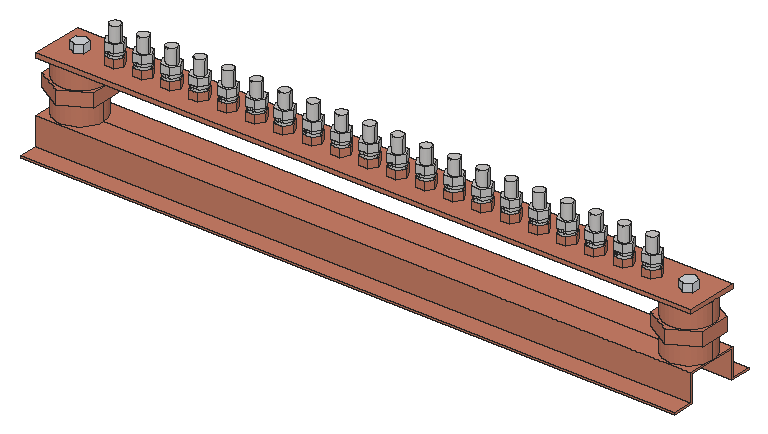
Revit family "FA_ГлавнаяЗаземпляющаяШина_20_88987_EZETEK", category Системы пожарной сигнализации, Revit 2017 (continued)
Automatic sketch dimensions
  Extrusion 95 sketch curve to Extrusion 95 sketch curve = 5.96 mm  (x3)
  Extrusion 95 sketch curve to Extrusion 95 sketch curve = 3.441 mm  (x3)
  Extrusion 95 sketch curve to Extrusion 95 sketch curve = 6.881 mm  (x2)
  Extrusion 100 sketch curve to Extrusion 100 sketch curve = 3.441 mm  (x4)
  Extrusion 99 sketch curve to Extrusion 99 sketch curve = 3.441 mm  (x3)
  Extrusion 99 sketch curve to Extrusion 99 sketch curve = 6.881 mm  (x2)
  Extrusion 99 sketch curve to Extrusion 99 sketch curve = 5.96 mm  (x3)
  Extrusion 100 sketch curve to Extrusion 100 sketch curve = 5.96 mm  (x3)
  Extrusion 100 sketch curve to Extrusion 100 sketch curve = 6.881 mm
  Extrusion 101 sketch curve to Extrusion 101 sketch curve = 5.96 mm  (x3)
  Extrusion 101 sketch curve to Extrusion 101 sketch curve = 3.441 mm  (x3)
  Extrusion 101 sketch curve to Extrusion 101 sketch curve = 6.881 mm  (x2)
  Extrusion 106 sketch curve to Extrusion 106 sketch curve = 3.441 mm  (x4)
  Extrusion 105 sketch curve to Extrusion 105 sketch curve = 3.441 mm  (x3)
  Extrusion 105 sketch curve to Extrusion 105 sketch curve = 6.881 mm  (x2)
  Extrusion 105 sketch curve to Extrusion 105 sketch curve = 5.96 mm  (x3)
  Extrusion 106 sketch curve to Extrusion 106 sketch curve = 5.96 mm  (x3)
  Extrusion 106 sketch curve to Extrusion 106 sketch curve = 6.881 mm
  Extrusion 107 sketch curve to Extrusion 107 sketch curve = 5.96 mm  (x3)
  Extrusion 107 sketch curve to Extrusion 107 sketch curve = 3.441 mm  (x3)
  Extrusion 107 sketch curve to Extrusion 107 sketch curve = 6.881 mm  (x2)
  Extrusion 112 sketch curve to Extrusion 112 sketch curve = 3.441 mm  (x4)
  Extrusion 111 sketch curve to Extrusion 111 sketch curve = 3.441 mm  (x3)
  Extrusion 111 sketch curve to Extrusion 111 sketch curve = 6.881 mm  (x2)
  Extrusion 111 sketch curve to Extrusion 111 sketch curve = 5.96 mm  (x3)
  Extrusion 112 sketch curve to Extrusion 112 sketch curve = 5.96 mm  (x3)
  Extrusion 112 sketch curve to Extrusion 112 sketch curve = 6.881 mm
  Extrusion 113 sketch curve to Extrusion 113 sketch curve = 5.96 mm  (x3)
  Extrusion 113 sketch curve to Extrusion 113 sketch curve = 3.441 mm  (x3)
  Extrusion 113 sketch curve to Extrusion 113 sketch curve = 6.881 mm  (x2)
  Extrusion 118 sketch curve to Extrusion 118 sketch curve = 3.441 mm  (x4)
  Extrusion 117 sketch curve to Extrusion 117 sketch curve = 3.441 mm  (x3)
  Extrusion 117 sketch curve to Extrusion 117 sketch curve = 6.881 mm  (x2)
  Extrusion 117 sketch curve to Extrusion 117 sketch curve = 5.96 mm  (x3)
  Extrusion 118 sketch curve to Extrusion 118 sketch curve = 5.96 mm  (x3)
  Extrusion 118 sketch curve to Extrusion 118 sketch curve = 6.881 mm
  Extrusion 119 sketch curve to Extrusion 119 sketch curve = 5.96 mm  (x3)
  Extrusion 119 sketch curve to Extrusion 119 sketch curve = 3.441 mm  (x3)
  Extrusion 119 sketch curve to Extrusion 119 sketch curve = 6.881 mm  (x2)
  Extrusion 124 sketch curve to Extrusion 124 sketch curve = 3.441 mm  (x4)
  Extrusion 123 sketch curve to Extrusion 123 sketch curve = 3.441 mm  (x3)
  Extrusion 123 sketch curve to Extrusion 123 sketch curve = 6.881 mm  (x2)
  Extrusion 123 sketch curve to Extrusion 123 sketch curve = 5.96 mm  (x3)
  Extrusion 124 sketch curve to Extrusion 124 sketch curve = 5.96 mm  (x3)
  Extrusion 124 sketch curve to Extrusion 124 sketch curve = 6.881 mm
  Extrusion 125 sketch curve to Extrusion 125 sketch curve = 5.96 mm  (x3)
  Extrusion 125 sketch curve to Extrusion 125 sketch curve = 3.441 mm  (x3)
  Extrusion 125 sketch curve to Extrusion 125 sketch curve = 6.881 mm  (x2)
  Extrusion 130 sketch curve to Extrusion 130 sketch curve = 3.441 mm  (x4)
  Extrusion 129 sketch curve to Extrusion 129 sketch curve = 3.441 mm  (x3)
  Extrusion 129 sketch curve to Extrusion 129 sketch curve = 6.881 mm  (x2)
  Extrusion 129 sketch curve to Extrusion 129 sketch curve = 5.96 mm  (x3)
  Extrusion 130 sketch curve to Extrusion 130 sketch curve = 5.96 mm  (x3)
  Extrusion 130 sketch curve to Extrusion 130 sketch curve = 6.881 mm
  Extrusion 131 sketch curve to Extrusion 131 sketch curve = 5.96 mm  (x3)
  Extrusion 131 sketch curve to Extrusion 131 sketch curve = 3.441 mm  (x3)
  Extrusion 131 sketch curve to Extrusion 131 sketch curve = 6.881 mm  (x2)
  Extrusion 136 sketch curve to Extrusion 136 sketch curve = 3.441 mm  (x4)
  Extrusion 135 sketch curve to Extrusion 135 sketch curve = 3.441 mm  (x3)
  Extrusion 135 sketch curve to Extrusion 135 sketch curve = 6.881 mm  (x2)
  Extrusion 135 sketch curve to Extrusion 135 sketch curve = 5.96 mm  (x3)
  Extrusion 136 sketch curve to Extrusion 136 sketch curve = 5.96 mm  (x3)
  Extrusion 136 sketch curve to Extrusion 136 sketch curve = 6.881 mm
  Extrusion 137 sketch curve to Extrusion 137 sketch curve = 5.96 mm  (x3)
  Extrusion 137 sketch curve to Extrusion 137 sketch curve = 3.441 mm  (x3)
  Extrusion 137 sketch curve to Extrusion 137 sketch curve = 6.881 mm  (x2)
  radius of Extrusion 2 sketch curve = 18.032 mm  (x2)
  radius of Extrusion 13 sketch curve = 4 mm
  radius of Extrusion 17 sketch curve = 5.954 mm
  radius of Extrusion 18 sketch curve = 5.954 mm
  radius of Extrusion 20 sketch curve = 4 mm
  radius of Extrusion 24 sketch curve = 5.954 mm
  radius of Extrusion 25 sketch curve = 5.954 mm
  radius of Extrusion 26 sketch curve = 4 mm
  radius of Extrusion 30 sketch curve = 5.954 mm
  radius of Extrusion 31 sketch curve = 5.954 mm
  radius of Extrusion 32 sketch curve = 4 mm
  radius of Extrusion 36 sketch curve = 5.954 mm
  radius of Extrusion 37 sketch curve = 5.954 mm
  radius of Extrusion 38 sketch curve = 4 mm
  radius of Extrusion 42 sketch curve = 5.954 mm
  radius of Extrusion 43 sketch curve = 5.954 mm
  radius of Extrusion 44 sketch curve = 4 mm
  radius of Extrusion 48 sketch curve = 5.954 mm
  radius of Extrusion 49 sketch curve = 5.954 mm
  radius of Extrusion 50 sketch curve = 4 mm
  radius of Extrusion 54 sketch curve = 5.954 mm
  radius of Extrusion 55 sketch curve = 5.954 mm
  radius of Extrusion 56 sketch curve = 4 mm
  radius of Extrusion 60 sketch curve = 5.954 mm
  radius of Extrusion 61 sketch curve = 5.954 mm
  radius of Extrusion 62 sketch curve = 4 mm
  radius of Extrusion 66 sketch curve = 5.954 mm
  radius of Extrusion 67 sketch curve = 5.954 mm
  radius of Extrusion 68 sketch curve = 4 mm
  radius of Extrusion 72 sketch curve = 5.954 mm
  radius of Extrusion 73 sketch curve = 5.954 mm
  radius of Extrusion 74 sketch curve = 4 mm
  radius of Extrusion 78 sketch curve = 5.954 mm
  radius of Extrusion 79 sketch curve = 5.954 mm
  radius of Extrusion 80 sketch curve = 4 mm
  radius of Extrusion 84 sketch curve = 5.954 mm
  radius of Extrusion 85 sketch curve = 5.954 mm
  radius of Extrusion 86 sketch curve = 4 mm
  radius of Extrusion 90 sketch curve = 5.954 mm
  radius of Extrusion 91 sketch curve = 5.954 mm
  radius of Extrusion 92 sketch curve = 4 mm
  radius of Extrusion 96 sketch curve = 5.954 mm
  radius of Extrusion 97 sketch curve = 5.954 mm
  radius of Extrusion 98 sketch curve = 4 mm
  radius of Extrusion 102 sketch curve = 5.954 mm
  radius of Extrusion 103 sketch curve = 5.954 mm
  radius of Extrusion 104 sketch curve = 4 mm
  radius of Extrusion 108 sketch curve = 5.954 mm
  radius of Extrusion 109 sketch curve = 5.954 mm
  radius of Extrusion 110 sketch curve = 4 mm
  radius of Extrusion 114 sketch curve = 5.954 mm
  radius of Extrusion 115 sketch curve = 5.954 mm
  radius of Extrusion 116 sketch curve = 4 mm
  radius of Extrusion 120 sketch curve = 5.954 mm
  radius of Extrusion 121 sketch curve = 5.954 mm
  radius of Extrusion 122 sketch curve = 4 mm
  radius of Extrusion 126 sketch curve = 5.954 mm
  radius of Extrusion 127 sketch curve = 5.954 mm
  radius of Extrusion 128 sketch curve = 4 mm
  radius of Extrusion 132 sketch curve = 5.954 mm
  radius of Extrusion 133 sketch curve = 5.954 mm
  radius of Extrusion 134 sketch curve = 4 mm
  radius of Extrusion 138 sketch curve = 5.954 mm
  radius of Extrusion 139 sketch curve = 5.954 mm
